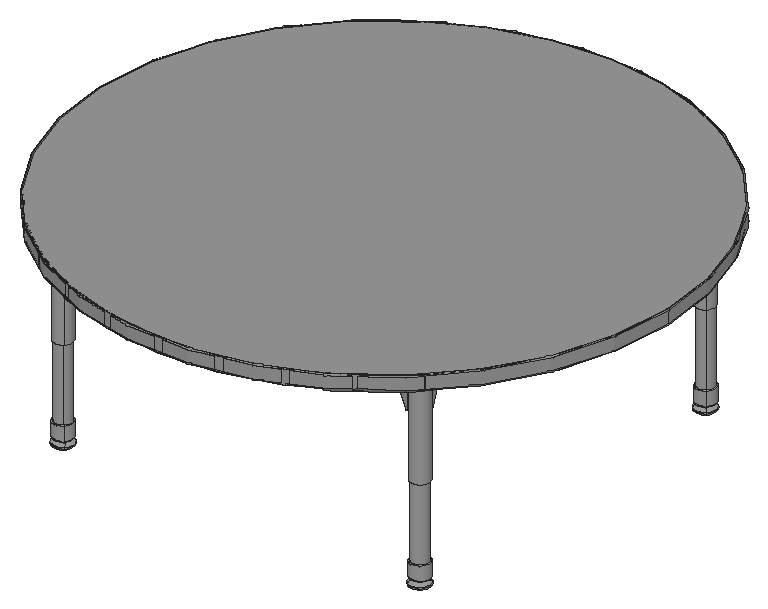
Revit family "Hierarchy Activity 48in Round Table - Youth Height", category Furniture, Revit 2018
Family settings
  Work Plane-Based = No
  Always vertical = Yes
  Cut with Voids When Loaded = No
  Shared = No
  Room Calculation Point = No
Parameters
  Table Height = 1' - 4"
  Surface = Hierarchy Activity 48" Round Table Youth Surface
  Leg Finish = Hierarchy Leg Platinum
  Edgeband = Hierarchy Activity 48" Round Table Youth Edgeband
  Caster/Glide = Hierarchy Youth Leg - Glide : Hierarchy Youth Leg - Glide
Reference planes (in)
  plane 1 "Center (Front/Back)": y = 0
  plane 2: z = 0
  plane 3 "Center (Left/Right)": x = 0
  plane 4: z = 16
Dimensions and locks (in)
  "Table Height": plane 4 to level
  aligned and locked: plane 2 to level
  aligned and locked: nested 1 to plane 4
Nested families (in)
  nested 1: "Activity 48 Round Tabletop" at (0, 0, -7.925), type "Activity 48 Round Tabletop"
  nested 2: "Hierarchy Youth Leg - Glide" at (-15, 15, 0) x (0.7071, 0.7071, 0) z (0, 0, 1), type <- "Caster/Glide", Leg Finish <- "Leg Finish", Leg Height <- "Table Height", type "Hierarchy Youth Leg - Glide"
    with Leg Height 1' - 4", Leg Finish Hierarchy Leg Platinum
  nested 3: "Hierarchy Youth Leg - Glide" at (-15, -15, 0) x (-0.7071, 0.7071, 0) z (0, 0, 1), type <- "Caster/Glide", Leg Finish <- "Leg Finish", Leg Height <- "Table Height", type "Hierarchy Youth Leg - Glide"
    with Leg Height 1' - 4", Leg Finish Hierarchy Leg Platinum
  nested 4: "Hierarchy Youth Leg - Glide" at (15, -15, 0) x (-0.7071, -0.7071, 0) z (0, 0, 1), Leg Finish <- "Leg Finish", Leg Height <- "Table Height", type "Hierarchy Youth Leg - Glide"
    with Leg Height 1' - 4", Leg Finish Hierarchy Leg Platinum
  nested 5: "Hierarchy Youth Leg - Glide" at (15, 15, 0) x (0.7071, -0.7071, 0) z (0, 0, 1), Leg Finish <- "Leg Finish", Leg Height <- "Table Height", type "Hierarchy Youth Leg - Glide"
    with Leg Height 1' - 4", Leg Finish Hierarchy Leg Platinum
Definition of nested family "Activity 48 Round Tabletop"
  Parameters (values of type "Activity 48 Round Tabletop")
    Surface = none
    Edgeband = none
  Reference planes (in)
    plane 1 "Center (Front/Back)": y = 0
    plane 2: z = 0
    plane 3 "Center (Left/Right)": x = 0
  Forms (in)
    Extrusion 1, solid, material <- "Surface"
      sketch origin (0, 0, 0) x (1, 0, 0) y (0, 1, 0)
        loop
          circle (0, 0) r 23.82031
      from 23.925 to 25.125
    Sweep 2, solid, material <- "Edgeband"
      path origin (0, 0, 0) x (1, 0, 0) y (0, 1, 0)
        loop
          circle (0, 0) r 23.82031
      profile origin (0, 23.82031, 0) x (0, -1, 0) y (0, 0, 1)
        loop
          arc (0.0021, 25.125) -> (-0.06861, 25.09571) -> (-0.0979, 25.025) r 0.1
          line (-0.0979, 25.025) -> (-0.0979, 24.025)
          arc (-0.0979, 24.025) -> (-0.06861, 23.95429) -> (0.0021, 23.925) r 0.1
          line (0.0021, 23.925) -> (0.0021, 25.125)
  Dimensions and locks (in)
    aligned and locked: plane 2 to level
Definition of nested family "Hierarchy Youth Leg - Glide"
  Parameters (values of type "Hierarchy Youth Leg - Glide")
    Leg Finish [instance] = none
    Leg Height [instance] = 1' - 4.80117"
  Reference planes (in)
    plane 1 "Center (Front/Back)": y = 0
    plane 2: z = 0
    plane 3 "Center (Left/Right)": x = 0
  Forms (in)
    Extrusion 1, solid
      sketch origin (-0.01562, 0, 0) x (1, 0, 0) y (0, 1, 0)
        loop
          circle (0.01563, 0) r 0.67016
      from 0.67618 to 10.55018
    Revolve 2, solid
      sketch origin (0, 0, 0) x (1, 0, 0) y (0, 0, 1)
        loop
          line (-0.73189, 1.80118) -> (-0.79439, 1.73867) -> (-0.79439, 0.61381) -> (-0.73176, 0.55118) -> (-0.125, 0.55118) -> (-0.125, 0.42618) -> (-0.84656, 0.16241) -> (-0.84656, 0.08994) -> (-0.81359, 0) -> (0, 0) -> (0, 1.80118) -> (-0.73189, 1.80118)
        axis (0, 1.80118) -> (0, 0)
      angle from 0 to 360
  Dimensions and locks (in)
    "Leg Height": nested 1 to level  (x2)
    aligned and locked: plane 2 to level
  Automatic sketch dimensions
    plane 1 "Center (Front/Back)" to Extrusion 1 sketch curve = 0' - 0"
    Extrusion 1 sketch curve to plane 3 "Center (Left/Right)" = 0' - 0"
    Revolve 2 sketch curve to level = 0' - 0"
    Revolve 2 sketch curve to plane 3 "Center (Left/Right)" = 0' - 0"  (x2)
    Revolve 2 sketch curve to plane 3 "Center (Left/Right)" = 0' - 0 1/8"
    Revolve 2 sketch curve to Revolve 2 sketch curve = 0' - 0.60676"
    Revolve 2 sketch curve to Revolve 2 sketch curve = 0' - 0.73189"
    Revolve 2 sketch curve to Revolve 2 sketch curve = 0' - 0.06263"  (x2)
    Revolve 2 sketch curve to Revolve 2 sketch curve = 0' - 0.08183"
    Revolve 2 sketch curve to Revolve 2 sketch curve = 0' - 0.03297"
    level to Revolve 2 sketch curve = 0' - 0.08994"
    Revolve 2 sketch curve to Revolve 2 sketch curve = 0' - 0.07247"
    level to Revolve 2 sketch curve = 0' - 0.42618"
    Revolve 2 sketch curve to Revolve 2 sketch curve = 0' - 0 1/8"
    Revolve 2 sketch curve to Revolve 2 sketch curve = 0' - 1.12486"
    Revolve 2 sketch curve to Revolve 2 sketch curve = 0' - 0 1/16"
    Revolve 2 sketch curve to level = 2' - 0"
    Revolve 2 sketch curve to Revolve 2 sketch curve = 8' - 4.91764"
    radius of Extrusion 1 sketch curve = 0' - 0.67016"
  Nested families (in)
    nested 1: "Hierarchy Youth Upper Leg 2023" at (0, 0, 0), Leg Finish <- "Leg Finish", type "Hierarchy Youth Upper Leg 2023"
      with Leg Finish none
  Definition of nested family "Hierarchy Youth Upper Leg 2023"
    Parameters (values of type "Hierarchy Youth Upper Leg 2023")
      Leg Finish [instance] = none
    Reference planes (in)
      plane 1 "Center (Front/Back)": y = 0
      plane 2: z = 0
      plane 3 "Center (Left/Right)": x = 0
    Forms (in)
      Extrusion 1, solid, material <- "Leg Finish"
        sketch origin (0, 0, -11.001) x (1, 0, 0) y (0, 1, 0)
          loop
            circle (0, 0) r 0.75
        from 19.67618 to 27.67618
      Extrusion 2, solid, material <- "Leg Finish"
        sketch origin (0, 0, -11.001) x (1, 0, 0) y (0, 1, 0)
          loop
            line (-1.70174, 0.19183) -> (-2.88626, -2.26116)
            arc (-2.88626, -2.26116) -> (-2.83993, -3.09822) -> (-2.1063, -3.50394) r 0.86614
            line (-2.1063, -3.50394) -> (2.1063, -3.50394)
            arc (2.1063, -3.50394) -> (2.83993, -3.09822) -> (2.88626, -2.26116) r 0.86614
            line (2.88626, -2.26116) -> (1.70174, 0.19183)
            arc (1.70174, 0.19183) -> (0, 1.25984) -> (-1.70174, 0.19183) r 1.88976
        from 27.67618 to 27.80217
      Extrusion 3, solid, material <- "Leg Finish"
        sketch origin (-1.48519, 8.66524, -11.001) x (-0.434844, 0.900506, 0) y (0, 0, 1)
          loop
            line (-9.01425, 27.67618) -> (-11.80952, 27.67618)
            arc (-11.80952, 27.67618) -> (-11.92325, 27.58993) -> (-11.87088, 27.45715) r 0.11811
            arc (-11.87088, 27.45715) -> (-10.39364, 26.29679) -> (-9.23328, 24.81955) r 7.87402
            arc (-9.23328, 24.81955) -> (-9.1005, 24.76717) -> (-9.01425, 24.88091) r 0.11811
            line (-9.01425, 24.88091) -> (-9.01425, 27.67618)
        from -1.94075 to -1.81476
      Extrusion 4, solid, material <- "Leg Finish"
        sketch origin (1.48519, 8.66524, -11.001) x (0.434844, 0.900506, 0) y (0, 0, -1)
          loop
            line (-9.01425, -27.67618) -> (-9.01425, -24.88091)
            arc (-9.01425, -24.88091) -> (-9.1005, -24.76717) -> (-9.23328, -24.81955) r 0.11811
            arc (-9.23328, -24.81955) -> (-10.39364, -26.29679) -> (-11.87088, -27.45715) r 7.87402
            arc (-11.87088, -27.45715) -> (-11.92325, -27.58993) -> (-11.80952, -27.67618) r 0.11811
            line (-11.80952, -27.67618) -> (-9.01425, -27.67618)
        from -1.94075 to -1.81476
    Dimensions and locks (in)
      aligned and locked: plane 2 to level
